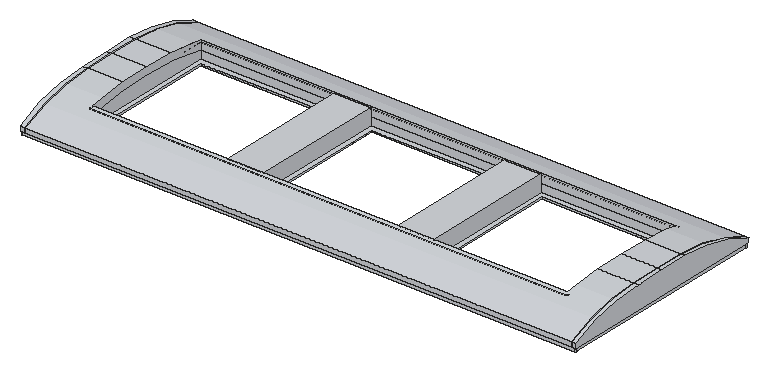
Revit family "Gira_0213395", category Electrical Fixtures, host Face, Revit 2017
Family settings
  Host = Face
  Maintain Annotation Orientation = No
  Round Connector Dimension = Use Diameter
  Part Type = Normal
  Cut with Voids When Loaded = No
  Shared = No
  Room Calculation Point = No
Parameters (values of type "Abdeckrahmen 3f Zwischenr. RW Gira Event Opak Mint")
  Werkstoffgüte = "Thermoplast"
  Werkstoff = "Kunststoff"
  URL = "http://katalog.gira.de/de_DE/datenblatt.html?artikelnr=0213395"
  Transparent = "No"
  Textfeld/Beschriftungsfläche = "No"
  Schutzart (IP) = "IP20"
  Region = "DE"
  Oberfläche = "sonstige"
  Name = "Abdeckrahmen 3f Zwischenr. RW Gira Event Opak Mint"
  Montagerichtung = "horizontal und vertikal"
  Mit Montagerahmen = "No"
  Mit Klappdeckel = "No"
  Manufacturer URL = "https://www.gira.de/"
  Keynote = "Event_Rahmen_3fach"
  HeinzeBIM = "https://bimportal.heinze.de/bim/abdeckrahmen-3f-zwischenr-rw-gira-event-opak-mint/4b507cf7a72d39928150d19d5af1afb2441edf01"
  Halogenfrei = "Yes"
  HAN = "0213395"
  Geeignet für Unterputz-Installation = "Yes"
  Geeignet für Unterflurkanaldose = "No"
  Geeignet für Geräteeinbaukanal = "No"
  Geeignet für Einbauinstallation = "No"
  GTIN = "4010337074465"
  Farbe = "sonstige"
  Default Elevation = 1219.2 mm
  Data sheet (1) = "https://katalog.gira.de/de_DE/download.html?artikelnr=0213395"
  Category = "Abdeckrahmen"
  Befestigungsart = "Klemmbefestigung"
  Available = "Yes"
  Anzahl der Einheiten vertikal = "3 "
  Anzahl der Einheiten horizontal = "3 "
  Anzahl der Einheiten = "3 "
Reference planes
  plane 1 "Center (Front/Back)": y = 0
  plane 2: z = 0
  plane 3 "Center (Left/Right)": x = 0
Forms (mm)
  Extrusion 1, solid, detail levels fine
    sketch origin (0, 0, 0.05) x (0, 1, 0) y (0, 0, 1)
      loop
        arc (12.445, 9.683) -> (6.223, 9.833) -> (0, 9.85) r 291.636
        arc (0, 9.85) -> (-6.223, 9.833) -> (-12.445, 9.683) r 291.636
        arc (-12.445, 9.683) -> (-29.14, 7.482) -> (-45, 1.823) r 79.728
        line (-45, 1.823) -> (-45, -0.05) -> (-42.086, -0.05)
        arc (-42.086, -0.05) -> (-21.385, 5.559) -> (0, 7.206) r 114.424
        arc (0, 7.206) -> (21.385, 5.559) -> (42.086, -0.05) r 114.424
        line (42.086, -0.05) -> (45, -0.05) -> (45, 1.823)
        arc (45, 1.823) -> (29.14, 7.482) -> (12.445, 9.683) r 79.728
    from -114.3 to 114.3
  Extrusion 2, void, detail levels fine
    sketch origin (0, 0, 0) x (1, 0, 0) y (0, 1, 0)
      loop
        line (-99.355, -28.053) -> (99.355, -28.053) -> (99.355, 28.053) -> (-99.355, 28.053) -> (-99.355, -28.053)
    from 0.724 to 11
  Extrusion 3, solid, detail levels coarse
    sketch origin (0, 0, 0) x (1, 0, 0) y (0, 1, 0)
      loop
        line (-116.3, 45) -> (-116.3, -45) -> (116.3, -45) -> (116.3, 45) -> (-116.3, 45)
    from -1.5 to 9.9
  Extrusion 4, solid, detail levels medium
    sketch origin (0, 0, 0.05) x (0, 1, 0) y (0, 0, 1)
      loop
        arc (12.445, 9.683) -> (6.223, 9.833) -> (0, 9.85) r 291.636
        arc (0, 9.85) -> (-6.223, 9.833) -> (-12.445, 9.683) r 291.636
        arc (-12.445, 9.683) -> (-29.14, 7.482) -> (-45, 1.823) r 79.728
        line (-45, 1.823) -> (-45, -0.05) -> (45, -0.05) -> (45, 1.823)
        arc (45, 1.823) -> (29.14, 7.482) -> (12.445, 9.683) r 79.728
    from -116.3 to 116.3
  Extrusion 5, solid, detail levels fine
    sketch origin (-71.3, 0, -1.5) x (0, 1, 0) y (0, 0, -1)
      loop
        line (45, -3.373) -> (45, -1.5) -> (-45, -1.5) -> (-45, -3.373)
        arc (-45, -3.373) -> (-29.14, -9.032) -> (-12.445, -11.233) r 79.728
        arc (-12.445, -11.233) -> (-6.223, -11.383) -> (0, -11.4) r 291.636
        arc (0, -11.4) -> (6.223, -11.383) -> (12.445, -11.233) r 291.636
        arc (12.445, -11.233) -> (29.14, -9.032) -> (45, -3.373) r 79.728
    from 43 to 45
  Extrusion 6, solid, detail levels fine
    sketch origin (0, 0, 0) x (1, 0, 0) y (0, 1, 0)
      loop
        line (-97.195, 25.7) -> (-97.195, -25.7) -> (-45.395, -25.7) -> (-45.395, 25.7) -> (-97.195, 25.7)
      loop
        line (25.9, -25.7) -> (25.9, 25.7) -> (-25.9, 25.7) -> (-25.9, -25.7) -> (25.9, -25.7)
      loop
        line (-100.19, 28.49) -> (-100.19, -28.495)
        spline (-100.19, -28.495) -> (-100.181, -28.625) -> (-100.156, -28.754) -> (-100.113, -28.878) -> (-100.056, -28.995) -> (-99.983, -29.104) -> (-99.897, -29.202) -> (-99.798, -29.288) -> (-99.69, -29.361) -> (-99.572, -29.419) -> (-99.448, -29.461) -> (-99.32, -29.486) -> (-99.19, -29.495)
        line (-99.19, -29.495) -> (99.195, -29.495)
        spline (99.195, -29.495) -> (99.325, -29.486) -> (99.454, -29.461) -> (99.578, -29.419) -> (99.695, -29.361) -> (99.804, -29.288) -> (99.902, -29.202) -> (99.988, -29.104) -> (100.061, -28.995) -> (100.119, -28.878) -> (100.161, -28.754) -> (100.186, -28.625) -> (100.195, -28.495)
        line (100.195, -28.495) -> (100.195, 28.49)
        spline (100.195, 28.49) -> (100.186, 28.62) -> (100.161, 28.748) -> (100.119, 28.872) -> (100.061, 28.99) -> (99.988, 29.098) -> (99.902, 29.197) -> (99.804, 29.283) -> (99.695, 29.356) -> (99.578, 29.413) -> (99.454, 29.456) -> (99.325, 29.481) -> (99.195, 29.49)
        line (99.195, 29.49) -> (-99.19, 29.49)
        spline (-99.19, 29.49) -> (-99.32, 29.481) -> (-99.448, 29.456) -> (-99.572, 29.413) -> (-99.69, 29.356) -> (-99.798, 29.283) -> (-99.897, 29.197) -> (-99.983, 29.098) -> (-100.056, 28.99) -> (-100.113, 28.872) -> (-100.156, 28.748) -> (-100.181, 28.62) -> (-100.19, 28.49)
      loop
        line (97.2, -25.7) -> (97.2, 25.7) -> (45.4, 25.7) -> (45.4, -25.7) -> (97.2, -25.7)
    from 0.1 to 7.3
  Extrusion 7, solid
    sketch origin (0, 0, 0) x (1, 0, 0) y (0, 1, 0)
      loop
        arc (-116, -44.2) -> (-115.854, -44.554) -> (-115.5, -44.7) r 0.5
        line (-115.5, -44.7) -> (115.5, -44.7)
        arc (115.5, -44.7) -> (115.854, -44.554) -> (116, -44.2) r 0.5
        line (116, -44.2) -> (116, 44.2)
        arc (116, 44.2) -> (115.854, 44.554) -> (115.5, 44.7) r 0.5
        line (115.5, 44.7) -> (-115.5, 44.7)
        arc (-115.5, 44.7) -> (-115.854, 44.554) -> (-116, 44.2) r 0.5
        line (-116, 44.2) -> (-116, -44.2)
      loop
        line (-114.3, 43) -> (-114.3, -43) -> (114.3, -43) -> (114.3, 43) -> (-114.3, 43)
    from -1.5 to 0.5
  Extrusion 8, solid, detail levels fine
    sketch origin (71.3, 0, -1.5) x (0, 1, 0) y (0, 0, 1)
      loop
        arc (45, 3.373) -> (29.14, 9.032) -> (12.445, 11.233) r 79.728
        arc (12.445, 11.233) -> (6.223, 11.383) -> (0, 11.4) r 291.636
        arc (0, 11.4) -> (-6.223, 11.383) -> (-12.445, 11.233) r 291.636
        arc (-12.445, 11.233) -> (-29.14, 9.032) -> (-45, 3.373) r 79.728
        line (-45, 3.373) -> (-45, 1.5) -> (45, 1.5) -> (45, 3.373)
    from 43 to 45
  Extrusion 9, solid, detail levels medium
    sketch origin (0, 0, 0) x (1, 0, 0) y (0, 1, 0)
      loop
        line (-116, -44.7) -> (116, -44.7) -> (116, 44.7) -> (-116, 44.7) -> (-116, -44.7)
    from -1.5 to 0.5
  Extrusion 10, solid, detail levels fine
    sketch origin (-34.207, 0, 0) x (1, 0, 0) y (0, 1, 0)
      loop
        line (-8.943, 28.063) -> (-8.943, -27.937) -> (6.057, -27.937) -> (6.057, 28.063) -> (-8.943, 28.063)
    from 0.724 to 7.566
  Extrusion 11, solid, detail levels fine
    sketch origin (34.207, 0, 0) x (-1, 0, 0) y (0, -1, 0)
      loop
        line (-8.943, -28.063) -> (6.057, -28.063) -> (6.057, 27.937) -> (-8.943, 27.937) -> (-8.943, -28.063)
    from 0.724 to 7.566
Cuts and joins
  Extrusion 2 cuts Extrusion 1
  Extrusion 2 cuts Extrusion 6
Dimensions and locks
  aligned and locked: plane 2 to host face
  aligned and locked: level to host face
